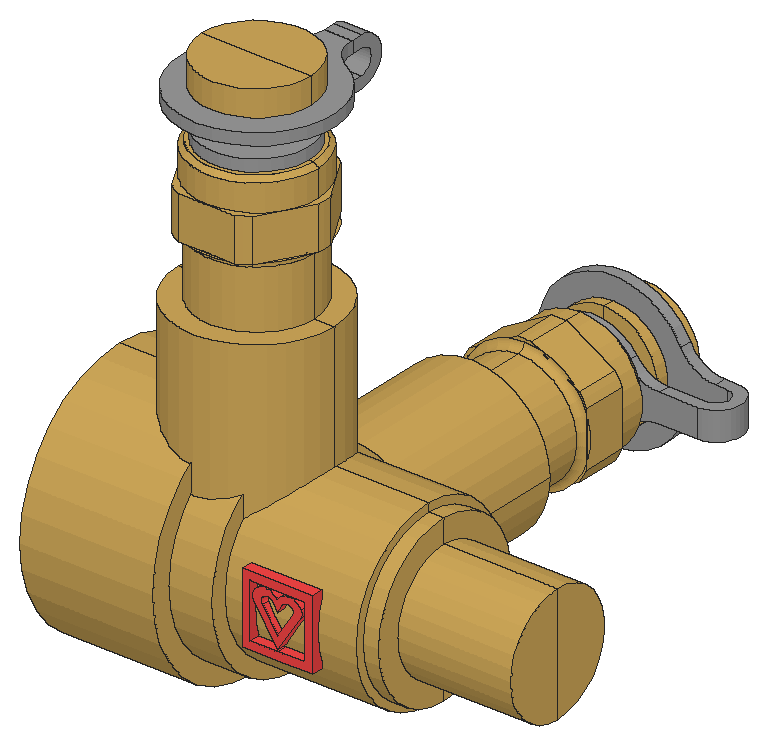
Revit family "HERZ Metering Station 4000", category Rohrzubehör, Revit 2020
Family settings
  Bemaßung runder Anschluss = Durchmesser verwenden
  Teiletyp = Unterbricht
  OmniClass-Nummer = 23.65.55.14
  OmniClass-Titel = Valves for Liquid Services
  Arbeitsebenenbasiert = Nein
  Immer vertikal = Ja
  Beim Laden mit Abzugskörper schneiden = Nein
  Gemeinsam genutzt = Nein
Parameters
  kvs-value [instance] = if(Nennweite = 15.00 mm, 2.2, if(Nennweite = 20.00 mm, 4.25, if(Nennweite = 25.00 mm, 8.6, if(Nennweite = 32.00 mm, 15.9, if(Nennweite = 40.00 mm, 23.7, if(Nennweite = 50.00 mm, 48, 0))))))  # 2.2
  Vorgabe-Ansicht = 0.00 mm
  URL = "www.herzvalves.com"
  SCRNSEQ = "AWI;AWI_TYP=\"1001\";02"
  SCRNCODE = "02;01;02"  # constant formula
  S03 = 10.00 mm  # constant formula
  S02 [instance] = S01 - 10.00 mm  # 17.50 mm
  S01 [instance] = H01  # 27.50 mm
  R01 [instance] = size_lookup("4000_", "R1", 1.00 mm, Nennweite)  # 10.00 mm
  Part number [instance] = size_lookup("4000_", "Artnr", 0, Nennweite)  # 1400001
  Nennweite [instance] = 15.00 mm
  Test point = "brass, CW602N"  # constant formula
  Model = "The metering station made of DZR brass has two measuring valves.\r\nAccording to EN 10226, the inlet has an internal thread Rp and the outlet an external thread R."
  Min. operating temperature = -20 °C  # constant formula
  Medium = "Water purity in accordance with the OeNORM H5195 and VDI 2035 standards.\r\nEthylene and propylene glycol can be mixed to a ratio of 25 - 50 vol. %."
  Max. operating pressure = 2000000.0 Pa  # constant formula
  Max. operating temperature (until DN32) = 130 °C  # constant formula
  Max. operating temperature (from DN40) = 110 °C  # constant formula
  LO01 [instance] = if(Nennweite = 15.00 mm, 30.00 mm, if(Nennweite = 20.00 mm, 32.00 mm, if(Nennweite = 25.00 mm, 37.00 mm, if(Nennweite = 32.00 mm, 42.00 mm, if(Nennweite = 40.00 mm, 42.00 mm, if(Nennweite = 50.00 mm, 45.00 mm, 0.00 mm))))))  # 30.00 mm
  L05 [instance] = size_lookup("4000_", "L5", 1.00 mm, Nennweite)  # 23.00 mm
  L04 [instance] = size_lookup("4000_", "L4", 1.00 mm, Nennweite)  # 16.50 mm
  L03 [instance] = size_lookup("4000_", "L3", 1.00 mm, Nennweite)  # 22.60 mm
  L02 [instance] = size_lookup("4000_", "L2", 1.00 mm, Nennweite)  # 17.00 mm
  L01 [instance] = size_lookup("4000_", "L1", 1.00 mm, Nennweite)  # 17.50 mm
  L00 [instance] = size_lookup("4000_", "L", 1.00 mm, Nennweite)  # 56.00 mm
  IG [instance] = Nennweite / 2  # 7.50 mm
  Hersteller = "HERZ Armaturen Ges.m.b.H."  # constant formula
  H01 [instance] = size_lookup("4000_", "H1", 1.00 mm, Nennweite)  # 27.50 mm
  GT1 [instance] = size_lookup("4000_", "GT1", 1.00 mm, Nennweite)  # 14.50 mm
  GT [instance] = size_lookup("4000_", "GT", 1.00 mm, Nennweite)  # 13.00 mm
  D04 [instance] = D03 - 1.00 mm  # 10.50 mm
  D03 [instance] = size_lookup("4000_", "D3", 1.00 mm, Nennweite)  # 11.50 mm
  D02 [instance] = size_lookup("4000_", "D2", 1.00 mm, Nennweite)  # 13.50 mm
  D01 [instance] = size_lookup("4000_", "D1", 1.00 mm, Nennweite)  # 16.00 mm
  Body = "brass, CC770S"  # constant formula
  Application = "HERZ metering stations are installed in the circuit of water heating and cooling systems and enable the hydraulic balancing of the circuits with one another.\r\nThe metering stations can be used in the supply line as well as in the return line.\r\nThey are either installed closely connected to a HERZ commissioning valve to form a complete set or used in connection with a HERZ shutoff valve.\r\nThe circuit is adjusted by setting the commissioning valve while measuring the pressure loss on the metering station."
  AG [instance] = Nennweite / 2  # 7.50 mm
Reference planes
  plane 1 "Mitte (Vorne/hinten)": y = 0
  plane 2: z = 0
  plane 3 "Mitte (Links/rechts)": x = 0
Forms (mm)
  Revolve 1, solid, material "Messing, weicher Gelbton, geschweißt", detail levels fine
    sketch origin (0, 0, 0) x (1, 0, 0) y (0, 0, 1)
      loop
        line (-4.5, 0) -> (38.5, 0) -> (38.5, 7.5) -> (24, 7.5) -> (24, 10.5) -> (22, 10.5) -> (22, 11.5) -> (5.1, 11.5) -> (5.1, 13.5) -> (-0.5, 13.5) -> (-0.5, 16) -> (-17.5, 16) -> (-17.5, 7.5) -> (-4.5, 7.5) -> (-4.5, 0)
      axis (-17.5, 0) -> (38.5, 0)
    angle from 0 to 360
  Revolve 2, solid, material "Messing, weicher Gelbton, geschweißt", detail levels fine
    sketch origin (0, 0, 0) x (1, 0, 0) y (0, 0, 1)
      loop
        line (-10, 7.5) -> (0, 7.5) -> (0, 27.5) -> (-10, 27.5) -> (-10, 7.5)
      axis (0, 27.5) -> (0, 7.5)
    angle from 0 to 360
  Revolve 3, solid, material "Messing, weicher Gelbton, geschweißt", detail levels fine
    sketch origin (0, 0, 0) x (1, 0, 0) y (0, 1, 0)
      loop
        line (5.5, 7.5) -> (15.5, 7.5) -> (15.5, 27.5) -> (5.5, 27.5) -> (5.5, 7.5)
      axis (5.5, 27.5) -> (5.5, 7.5)
    angle from 0 to 360
Lines and regions (mm)
  model lines, detail levels coarse+medium
    curve 1: line (-17.5, 0, 0) -> (0.5, 0, 0)
    curve 2: line (10.5, 0, -27.5) -> (10.5, 0, 27.5)
    curve 3: line (20.5, 0, 17.5) -> (20.5, 0, -17.5)
    curve 4: line (20.5, 0, 0) -> (38.5, 0, 0)
    curve 5: line (0.5, 0, 17.5) -> (0.5, 0, -17.5)
    curve 6: line (-17.5, 0, 0) -> (0.5, 0, 0)
    curve 7: line (10.5, 27.5, 0) -> (10.5, -27.5, 0)
    curve 8: line (0.5, 17.5, 0) -> (0.5, -17.5, 0)
    curve 9: line (20.5, 17.5, 0) -> (20.5, -17.5, 0)
    curve 10: line (20.5, 0, 0) -> (38.5, 0, 0)
Dimensions and locks
  "L00": Revolve 1 sketch curve to Revolve 1 sketch curve
  "GT": Revolve 1 sketch curve to Revolve 1 sketch curve
  "L01": plane 3 "Mitte (Links/rechts)" to Revolve 1 sketch curve
  "GT1": Revolve 1 sketch curve to Revolve 1 sketch curve
  "L02": Revolve 1 sketch curve to Revolve 1 sketch curve
  "L03": Revolve 1 sketch curve to Revolve 1 sketch curve
  "L04": Revolve 1 sketch curve to Revolve 1 sketch curve
  "AG": Revolve 1 sketch curve to plane 2
  "IG": Revolve 1 sketch curve to plane 2
  "D01": Revolve 1 sketch curve to plane 2
  "D02": Revolve 1 sketch curve to plane 2
  "D03": Revolve 1 sketch curve to plane 2
  "D04": Revolve 1 sketch curve to plane 2
  "D03": nested 1 to plane 1 "Mitte (Vorne/hinten)"
  "LO01": Revolve 1 to nested 1
  "IG": Revolve 2 sketch curve to plane 2
  "H01": Revolve 2 sketch curve to plane 2
  "R01": plane 3 "Mitte (Links/rechts)" to Revolve 2 sketch curve
  "H01": nested 2 to plane 2
  "IG": plane 1 "Mitte (Vorne/hinten)" to Revolve 3 sketch curve
  "H01": plane 1 "Mitte (Vorne/hinten)" to Revolve 3 sketch curve
  "R01": Revolve 3 sketch curve to Revolve 3 sketch curve
  "L05": Revolve 1 to Revolve 3 sketch curve  (x2)
  "H01": plane 1 "Mitte (Vorne/hinten)" to nested 3
  "L05": Revolve 1 to nested 3
  "L01": Revolve 1 to nested 2
  "S01": curve 2 to curve 4 to curve 2
  "L00": curve 1 to curve 4
  "S02": curve 3 to curve 4 to curve 3
  "S03": curve 2 to curve 3
  "S03": curve 2 to curve 5
  equal spacing: curve 4, curve 2, curve 1
  "S02": curve 5 to curve 1 to curve 5
  "L01": plane 3 "Mitte (Links/rechts)" to curve 1
  "L00": curve 6 to curve 10
  equal spacing: curve 6, curve 7, curve 10
  "S03": curve 8 to curve 7 to curve 9
  "S02": curve 9 to curve 10 to curve 9
  "S02": curve 8 to curve 6 to curve 8
  "S01": curve 7 to curve 10 to curve 7
  "L01": curve 6 to plane 3 "Mitte (Links/rechts)"
  aligned and locked: level to plane 2
Automatic sketch dimensions
  curve 4 to level = 0.00 mm
  curve 1 to level = 0.00 mm
  plane 1 "Mitte (Vorne/hinten)" to curve 10 = 0.00 mm
  plane 1 "Mitte (Vorne/hinten)" to curve 6 = 0.00 mm
  Revolve 1 sketch curve to level = 0.00 mm  (x2)
  Revolve 1 sketch curve to Revolve 1 sketch curve = 1489.03 mm
  Revolve 1 sketch curve to Revolve 1 sketch curve = 1800.648 mm
  Revolve 2 sketch curve to plane 3 "Mitte (Links/rechts)" = 0.00 mm  (x2)
  Revolve 2 sketch curve to level = 366.045 mm
  Revolve 2 sketch curve to Revolve 2 sketch curve = 2186.815 mm
  Revolve 3 sketch curve to Revolve 3 sketch curve = 0.00 mm  (x2)
Nested families
  nested 1: "Herz-Logo-vorne" at (12.5, -11.5, 0) x (0, 1, 0) z (0, 0, 1), type "Herz-Logo-vorne", detail levels fine
  nested 2: "Messstutzen_Band_Eintritt_senkrecht_(oben)" at (0, 0, 18.5), type "Messstutzen_Band_Eintritt_senkrecht_(oben)", detail levels fine
    with Schutzkappe yes, Nennweite 0.00 mm, Gewicht 0.00 kg, Bestellnummer 0
  nested 3: "Messstutzen_Band_Austritt_waagrecht" at (5.5, 18.5, 0) x (0, -1, 0) z (0, 0, 1), type "Messstutzen_Band_Austritt_waagrecht", detail levels fine
    with Schutzkappe yes, Nennweite 0.00 mm, Gewicht 0.00 kg, Bestellnummer 0
Connectors
  piping at (-4.5, 0, 0), diameter 15, driven by "Nennweite"
    settings: on Revolve 1, index 1, connector inside diameter 609.6 mm, connector length 0.00 mm, flow factor 0, pipe flow 0.0 L/s, pressure drop 0.0 Pa, fitting loss kfactor 0, connector angle 0.00°, fixture units 0, engagement length 0.00 mm, angle of deflection 0.00°, flow configuration 0, flow direction 1, fitting loss method 0, system type 29, joint type 0, gender type 0, connector reference index -1, connector utility 0, adjustable connector no, is connector primary yes, connector description ""
  piping at (38.5, 0, 0), diameter 15, driven by "Nennweite"
    settings: on Revolve 1, index 2, connector inside diameter 609.6 mm, connector length 0.00 mm, flow factor 0, pipe flow 0.0 L/s, pressure drop 0.0 Pa, fitting loss kfactor 0, connector angle 0.00°, fixture units 0, engagement length 0.00 mm, angle of deflection 0.00°, flow configuration 0, flow direction 2, fitting loss method 0, system type 29, joint type 0, gender type 0, connector reference index -1, connector utility 0, adjustable connector no, is connector primary no, connector description ""
Definition of nested family "Herz-Logo-vorne"
  Parameters (values of type "Herz-Logo-vorne")
    Default Elevation = 0.00 mm
  Reference planes
    plane 1 "Mitte (Vorne/hinten)": y = 0
    plane 2: z = 0
    plane 3 "Mitte (Links/rechts)": x = 0
  Forms (mm)
    Extrusion 1, solid
      sketch origin (0.732, -0.018, 0.017) x (0, -1, 0) y (0, 0, 1)
        loop
          line (-0.018, -4.517) -> (4.482, -4.517) -> (4.482, 4.483) -> (-4.518, 4.483) -> (-4.518, -4.517) -> (-0.018, -4.517)
        loop
          line (-0.05, -3.48) -> (3.482, -3.48) -> (3.482, 3.483) -> (-3.518, 3.483) -> (-3.518, -3.48) -> (-0.05, -3.48)
        loop
          arc (-0.018, 2.383) -> (-1.543, 3.287) -> (-3.067, 2.383) r 1.738
          arc (-3.067, 2.383) -> (-3.191, 1.899) -> (-3.067, 1.415) r 1.009
          line (-3.067, 1.415) -> (-0.018, -3.281) -> (3.032, 1.415)
          arc (3.032, 1.415) -> (3.156, 1.899) -> (3.032, 2.383) r 1.009
          arc (3.032, 2.383) -> (1.507, 3.287) -> (-0.018, 2.383) r 1.738
        loop
          arc (1.885, 1.272) -> (2.005, 1.675) -> (1.885, 2.079) r 0.74
          arc (1.885, 2.079) -> (1.265, 2.416) -> (0.644, 2.079) r 0.74
          line (0.644, 2.079) -> (-0.018, 0.97) -> (-0.679, 2.079)
          arc (-0.679, 2.079) -> (-1.3, 2.416) -> (-1.921, 2.079) r 0.74
          arc (-1.921, 2.079) -> (-2.04, 1.675) -> (-1.921, 1.272) r 0.74
          line (-1.921, 1.272) -> (-0.018, -1.658) -> (1.885, 1.272)
      from 0 to 1.5
  Dimensions and locks
    aligned and locked: level to plane 2
Definition of nested family "Messstutzen_Band_Eintritt_senkrecht_(oben)"
  Parameters (values of type "Messstutzen_Band_Eintritt_senkrecht_(oben)")
    Default Elevation = 0.00 mm
    URL = "www.herz-armaturen.at"
    Schutzkappe [instance] = yes
    Nennweite [instance] = 0.00 mm
    Manufacturer = "Herz Armaturen GmbH"  # constant formula
    Gewicht [instance] = 0.00 kg
    Bestellnummer [instance] = 0
  Reference planes
    plane 1 "Mitte (Vorne/hinten)": y = 0
    plane 2: z = 0
    plane 3 "Mitte (Links/rechts)": x = 0
    plane 4 "Schlaufe 1": z = -27
    plane 5 "Schlaufe 2": z = -31.678
  Forms (mm)
    Revolve 1, solid, detail levels fine
      sketch origin (0, 0, 0) x (1, 0, 0) y (0, 0, 1)
        loop
          line (-7.4, 9) -> (-5.55, 9) -> (-5.55, 6)
          arc (-5.55, 6) -> (-5.626, 5.617) -> (-5.843, 5.293) r 1
          line (-5.843, 5.293) -> (-6.455, 4.681) -> (-6.455, 0.9) -> (-5.555, 0) -> (-2, 0) -> (-2, 17.5) -> (-8.4, 17.5)
          arc (-8.4, 17.5) -> (-7.693, 17.207) -> (-7.4, 16.5) r 1
          line (-7.4, 16.5) -> (-7.4, 9)
        loop
          line (-3.7, 27) -> (-7.3, 27) -> (-7.9, 26.4) -> (-7.9, 23) -> (-2, 23) -> (-2, 35.8) -> (-3.805, 35.8) -> (-4.415, 35.19) -> (-4.415, 30.863) -> (-3.7, 30.45) -> (-3.7, 27)
        axis (0, 0) -> (0, 35.8)
      angle from 0 to 360
    Extrusion 2, solid, detail levels fine
      sketch origin (0, 0, 17.5) x (0, 1, 0) y (-1, 0, 0)
        loop
          arc (-7.07, 5.156) -> (-7.578, 4.375) -> (-8, 3.544) r 8.75
          line (-8, 3.544) -> (-8, -3.544)
          arc (-8, -3.544) -> (-7.578, -4.375) -> (-7.07, -5.156) r 8.75
          line (-7.07, -5.156) -> (-0.93, -8.7)
          arc (-0.93, -8.7) -> (0, -8.75) -> (0.93, -8.7) r 8.75
          line (0.93, -8.7) -> (7.07, -5.156)
          arc (7.07, -5.156) -> (7.578, -4.375) -> (8, -3.544) r 8.75
          line (8, -3.544) -> (8, 3.544)
          arc (8, 3.544) -> (7.578, 4.375) -> (7.07, 5.156) r 8.75
          line (7.07, 5.156) -> (0.93, 8.7)
          arc (0.93, 8.7) -> (0, 8.75) -> (-0.93, 8.7) r 8.75
          line (-0.93, 8.7) -> (-7.07, 5.156)
      from 0 to 5.5
    Revolve 3, solid, visible <- "Schutzkappe", detail levels fine
      sketch origin (0, 0, 0) x (1, 0, 0) y (0, 0, 1)
        loop
          line (0, 35.878) -> (0, 36.678) -> (-7, 36.678) -> (-7, 33.378) -> (-6.1, 33.378) -> (-6.1, 31.678) -> (-6.9, 31.678) -> (-6.9, 30.178) -> (-4.415, 30.178) -> (-4.415, 35.268) -> (-3.805, 35.878) -> (0, 35.878)
        axis (0, 30.178) -> (0, 36.678)
      angle from 0 to 360
    Extrusion 4, solid, detail levels fine
      sketch origin (0, 0, 28.5) x (1, 0, 0) y (0, 1, 0)
        loop
          circle (0, 0) r 3.7
        loop
          arc (-3.906, 5.505) -> (0, -6.75) -> (3.906, 5.505) r 6.75
          arc (3.906, 5.505) -> (2.358, 7.288) -> (1.8, 9.582) r 5
          line (1.8, 9.582) -> (-1.8, 9.582)
          arc (-1.8, 9.582) -> (-2.358, 7.288) -> (-3.906, 5.505) r 5
      from 0 to -1.5
    Extrusion 5, solid, detail levels fine
      sketch origin (0, 0, 33.178) x (1, 0, 0) y (0, 1, 0)
        loop
          circle (0, 0) r 6.1
        loop
          arc (-4.495, 8.652) -> (0, -9.75) -> (4.495, 8.652) r 9.75
          arc (4.495, 8.652) -> (2.527, 10.493) -> (1.8, 13.089) r 5
          line (1.8, 13.089) -> (-1.8, 13.089)
          arc (-1.8, 13.089) -> (-2.527, 10.493) -> (-4.495, 8.652) r 5
      from 0 to -1.5
    Sweep 6, solid, detail levels fine
      path origin (0, 0, 0) x (0, 0, -1) y (0, -1, 0)
        loop
          line (-27.75, -9.582) -> (-27.75, -14.522)
          arc (-27.75, -14.522) -> (-30.089, -16.862) -> (-32.428, -14.522) r 2.339
          line (-32.428, -14.522) -> (-32.428, -13.089)
      profile origin (0, 12.052, 27.75) x (0, 0, 1) y (1, 0, 0)
        loop
          line (-0.75, -1.8) -> (0.75, -1.8) -> (0.75, 1.8) -> (-0.75, 1.8) -> (-0.75, -1.8)
  Dimensions and locks
    aligned and locked: level to plane 2
Definition of nested family "Messstutzen_Band_Austritt_waagrecht"
  Parameters (values of type "Messstutzen_Band_Austritt_waagrecht")
    Default Elevation = 0.00 mm
    URL = "www.herz-armaturen.at"
    Schutzkappe [instance] = yes
    Nennweite [instance] = 0.00 mm
    Manufacturer = "Herz Armaturen GmbH"  # constant formula
    Gewicht [instance] = 0.00 kg
    Bestellnummer [instance] = 0
  Reference planes
    plane 1 "Mitte (Vorne/hinten)": y = 0
    plane 2: z = 0
    plane 3 "Mitte (Links/rechts)": x = 0
  Forms (mm)
    Revolve 1, solid, detail levels fine
      sketch origin (0, 0, 0) x (0, 0, -1) y (1, 0, 0)
        loop
          line (-7.4, -9) -> (-7.4, -16.5)
          arc (-7.4, -16.5) -> (-7.693, -17.207) -> (-8.4, -17.5) r 1
          line (-8.4, -17.5) -> (-2, -17.5) -> (-2, 0) -> (-5.555, 0) -> (-6.455, -0.9) -> (-6.455, -4.681) -> (-5.843, -5.293)
          arc (-5.843, -5.293) -> (-5.626, -5.617) -> (-5.55, -6) r 1
          line (-5.55, -6) -> (-5.55, -9) -> (-7.4, -9)
        loop
          line (-3.7, -27) -> (-3.7, -30.45) -> (-4.415, -30.863) -> (-4.415, -35.19) -> (-3.805, -35.8) -> (-2, -35.8) -> (-2, -23) -> (-7.9, -23) -> (-7.9, -26.4) -> (-7.3, -27) -> (-3.7, -27)
        axis (0, 0) -> (0, -35.8)
      angle from 0 to 360
    Extrusion 2, solid, detail levels fine
      sketch origin (-17.5, 0, 0) x (0, 0, 1) y (0, 1, 0)
        loop
          line (5.156, -7.07) -> (8.7, -0.93)
          arc (8.7, -0.93) -> (8.75, 0) -> (8.7, 0.93) r 8.75
          line (8.7, 0.93) -> (5.156, 7.07)
          arc (5.156, 7.07) -> (4.375, 7.578) -> (3.544, 8) r 8.75
          line (3.544, 8) -> (-3.544, 8)
          arc (-3.544, 8) -> (-4.375, 7.578) -> (-5.156, 7.07) r 8.75
          line (-5.156, 7.07) -> (-8.7, 0.93)
          arc (-8.7, 0.93) -> (-8.75, 0) -> (-8.7, -0.93) r 8.75
          line (-8.7, -0.93) -> (-5.156, -7.07)
          arc (-5.156, -7.07) -> (-4.375, -7.578) -> (-3.544, -8) r 8.75
          line (-3.544, -8) -> (3.544, -8)
          arc (3.544, -8) -> (4.375, -7.578) -> (5.156, -7.07) r 8.75
      from 0 to 5.5
    Revolve 3, solid, visible <- "Schutzkappe", detail levels fine
      sketch origin (0, 0, 0) x (0, 0, -1) y (1, 0, 0)
        loop
          line (0, -35.878) -> (-3.805, -35.878) -> (-4.415, -35.268) -> (-4.415, -30.178) -> (-6.9, -30.178) -> (-6.9, -31.678) -> (-6.1, -31.678) -> (-6.1, -33.378) -> (-7, -33.378) -> (-7, -36.678) -> (0, -36.678) -> (0, -35.878)
        axis (0, -30.178) -> (0, -36.678)
      angle from 0 to 360
    Extrusion 4, solid, detail levels fine
      sketch origin (-27, 0, 0) x (0, 1, 0) y (0, 0, 1)
        loop
          circle (0, 0) r 3.7
        loop
          arc (5.505, 3.906) -> (-6.75, 0) -> (5.505, -3.906) r 6.75
          arc (5.505, -3.906) -> (7.288, -2.358) -> (9.582, -1.8) r 5
          line (9.582, -1.8) -> (9.582, 1.8)
          arc (9.582, 1.8) -> (7.288, 2.358) -> (5.505, 3.906) r 5
      from 0 to -1.5
    Extrusion 5, solid, detail levels fine
      sketch origin (-31.678, 0, 0) x (0, 1, 0) y (0, 0, 1)
        loop
          circle (0, 0) r 6.1
        loop
          arc (8.652, 4.495) -> (-9.75, 0) -> (8.652, -4.495) r 9.75
          arc (8.652, -4.495) -> (10.493, -2.527) -> (13.089, -1.8) r 5
          line (13.089, -1.8) -> (13.089, 1.8)
          arc (13.089, 1.8) -> (10.493, 2.527) -> (8.652, 4.495) r 5
      from 0 to -1.5
    Sweep 6, solid, detail levels fine
      path origin (0, 0, 0) x (0, -1, 0) y (1, 0, 0)
        loop
          line (-9.582, -27.75) -> (-14.522, -27.75)
          arc (-14.522, -27.75) -> (-16.862, -30.089) -> (-14.522, -32.428) r 2.339
          line (-14.522, -32.428) -> (-13.089, -32.428)
      profile origin (-27.75, 12.052, 0) x (-1, 0, 0) y (0, 0, 1)
        loop
          line (-0.75, 1.8) -> (-0.75, -1.8) -> (0.75, -1.8) -> (0.75, 1.8) -> (-0.75, 1.8)
  Cuts and joins
    joined: Extrusion 4, Extrusion 5, Sweep 6
  Dimensions and locks
    aligned and locked: level to plane 2
